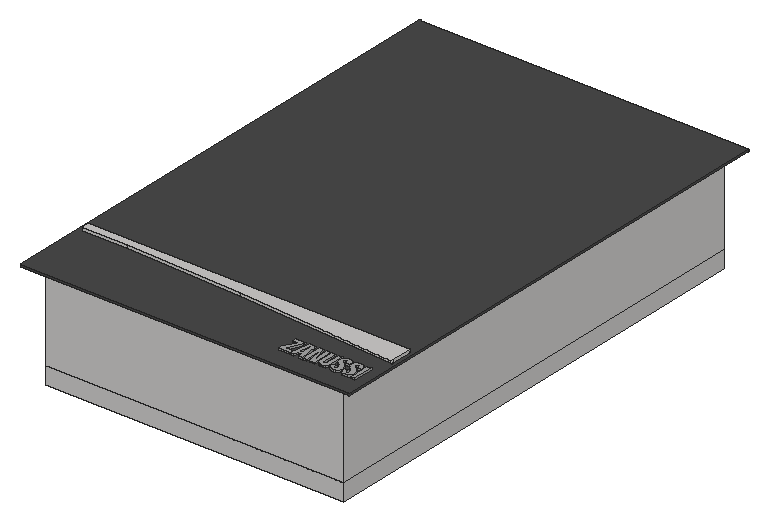
Revit family "QF_ZANUSSI_600894_Z1HDDDOMCT", category Specialty Equipment, Revit 2018
Family settings
  Round Connector Dimension = Use Diameter
  Part Type = Normal
  Work Plane-Based = No
  Always vertical = Yes
  Cut with Voids When Loaded = No
  Shared = No
  Room Calculation Point = No
Parameters (values of type "Standard")
  Watts = 0 W
  Volts = 380 V
  URL = "http://www.zanussiprofessional.com"
  Steam Supply Size = 0 mm
  Steam Supply Minimum Pressure = 0.0 Pa
  Steam Supply Maximum Pressure = 0.0 Pa
  Steam Pounds per Hour = 0
  Show Logo [instance] = yes
  Manufacturer = "Zanussi"
  Phase = 3
  Model = "Z1HDDDOMCT"
  Item Number = "600894"
  Hot Water Size = 0 mm
  HP = "6.7 HP"
  Gas Size = 0 mm
  Gas KW = 0
  Direct Waste Size = 0 mm
  Description = "PLUG-IN INDUCTION MONO ZONE COOK TOP, DROP-IN - 3-PHASE"
  Cycle = 60 Hz
  Condensate Return Size = 0 mm
  Compressed Air Volume = 0.0 L/s
  Compressed Air Size = 0 mm
  Compressed Air Pressure = 0.0 Pa
  Cold Water Size = 0 mm
Types (2, lengths in mm): name | URL | Manufacturer | Phase | Model | Description
  (no name) | 0 | 0 | 0 | 0 | 0
  Standard | "http://www.zanussiprofessional.com" | "Zanussi" | 3 | "Z1HDDDOMCT" | "PLUG-IN INDUCTION MONO ZONE COOK TOP, DROP-IN - 3-PHASE"
Values of the unnamed type that differ from the named types
  Volts = 0 V
  Item Number = ""
  Cycle = 0 Hz
Reference planes
  plane 1 "Centro (Fronte/Retro)": y = 74.737
  plane 2: z = 0
  plane 3: x = -514.269
  plane 4 "LEFT": x = -709.269
  plane 5 "RIGHT": x = -319.269
  plane 6 "BACK": y = 369.737
  plane 7 "FRONT": y = -220.263
  plane 8: y = -124.263
  plane 9: x = -690.269
  plane 10: x = -338.269
  plane 11: y = 355.737
  plane 12: y = -205.263
  plane 13: x = -539.269
  plane 14: y = -149.263
  plane 15: z = 900
Forms (mm)
  Extrusion 1, solid, material "QF_Finishes_Stainless Steel"
    sketch origin (0, 0, 774) x (1, 0, 0) y (0, 1, 0)
      loop
        line (-341.269, 352.737) -> (-687.269, 352.737) -> (-687.269, -202.263) -> (-341.269, -202.263) -> (-341.269, 352.737)
      loop
        line (-690.269, 355.737) -> (-690.269, -205.263) -> (-338.269, -205.263) -> (-338.269, 355.737) -> (-690.269, 355.737)
    from 21 to 126
  Extrusion 2, solid, material "QF_Finishes_Black"
    sketch origin (0, 0, 900) x (-1, 0, 0) y (0, -1, 0)
      loop
        arc (707.269, -369.737) -> (708.683, -369.151) -> (709.269, -367.737) r 2
        line (709.269, -367.737) -> (709.269, 218.263)
        arc (709.269, 218.263) -> (708.683, 219.677) -> (707.269, 220.263) r 2
        line (707.269, 220.263) -> (321.269, 220.263)
        arc (321.269, 220.263) -> (319.854, 219.677) -> (319.269, 218.263) r 2
        line (319.269, 218.263) -> (319.269, -367.737)
        arc (319.269, -367.737) -> (319.854, -369.151) -> (321.269, -369.737) r 2
        line (321.269, -369.737) -> (707.269, -369.737)
    from 0 to 2
  Extrusion 3, solid, material "QF_Finishes_Stainless Steel"
    sketch origin (0, 0, 775) x (1, 0, 0) y (0, 1, 0)
      loop
        line (-690.269, 355.737) -> (-690.269, -205.263) -> (-338.269, -205.263) -> (-338.269, 355.737) -> (-690.269, 355.737)
    from 0 to 20
  Extrusion 4, solid, material "QF_Finishes_Stainless Steel"
    sketch origin (0, 0, 127) x (-1, 0, 0) y (0, -1, 0)
      loop
        circle (539.269, 149.263) r 10
    from 638.028 to 648
  Extrusion 5, solid, material "QF_Finishes_Stainless Steel"
    sketch origin (0, 0, 900) x (-1, 0, 0) y (0, -1, 0)
      loop
        arc (702.769, 124.263) -> (703.829, 124.702) -> (704.269, 125.763) r 1.5
        line (704.269, 125.763) -> (704.269, 132.763)
        arc (704.269, 132.763) -> (703.829, 133.824) -> (702.769, 134.263) r 1.5
        line (702.769, 134.263) -> (651.769, 134.263)
        arc (651.769, 134.263) -> (582.973, 135.513) -> (514.269, 139.263) r 1893.125
        arc (514.269, 139.263) -> (420.209, 148.26) -> (325.769, 151.263) r 1486.51
        arc (325.769, 151.263) -> (324.708, 150.824) -> (324.269, 149.763) r 1.5
        line (324.269, 149.763) -> (324.269, 125.763)
        arc (324.269, 125.763) -> (324.708, 124.702) -> (325.769, 124.263) r 1.5
        line (325.769, 124.263) -> (702.769, 124.263)
    from 2 to 5
Lines and regions (mm)
  Split face 1
    outline origin (0, 0, 902) x (-1, 0, 0) y (0, -1, 0)
      loop
        line (324.269, 124.263) -> (324.269, -364.737) -> (704.269, -364.737) -> (704.269, 124.263) -> (324.269, 124.263)
  Split face 2
    outline origin (0, 0, 902) x (-1, 0, 0) y (0, -1, 0)
      loop
        line (704.269, -364.737) -> (704.269, 124.263) -> (324.269, 124.263) -> (324.269, -364.737) -> (704.269, -364.737)
  Split face 3
    outline origin (0, 0, 902) x (-1, 0, 0) y (0, -1, 0)
      loop
        circle (514.269, -120.237) r 139
  symbolic lines
    curve 1: arc (-375.269, 120.237, 126) -> (-514.269, 259.237, 126) -> (-653.269, 120.237, 126) r 139
    curve 2: arc (-653.269, 120.237, 126) -> (-514.269, -18.763, 126) -> (-375.269, 120.237, 126) r 139
    curve 3: line (-324.269, -124.263, 126) -> (-704.269, -124.263, 126)
    curve 4: line (-704.269, -124.263, 126) -> (-704.269, 364.737, 126)
    curve 5: line (-324.269, 364.737, 126) -> (-324.269, -124.263, 126)
    curve 6: line (-704.269, 364.737, 126) -> (-324.269, 364.737, 126)
    curve 7: line (-321.269, 369.737, 126) -> (-707.269, 369.737, 126)
    curve 8: arc (-707.269, 369.737, 126) -> (-708.683, 369.151, 126) -> (-709.269, 367.737, 126) r 2
    curve 9: line (-709.269, 367.737, 126) -> (-709.269, -218.263, 126)
    curve 10: arc (-709.269, -218.263, 126) -> (-708.683, -219.677, 126) -> (-707.269, -220.263, 126) r 2
    curve 11: line (-707.269, -220.263, 126) -> (-321.269, -220.263, 126)
    curve 12: arc (-321.269, -220.263, 126) -> (-319.854, -219.677, 126) -> (-319.269, -218.263, 126) r 2
    curve 13: line (-319.269, -218.263, 126) -> (-319.269, 367.737, 126)
    curve 14: arc (-319.269, 367.737, 126) -> (-319.854, 369.151, 126) -> (-321.269, 369.737, 126) r 2
    curve 15: arc (-702.769, -124.263, 126) -> (-703.829, -124.702, 126) -> (-704.269, -125.763, 126) r 1.5
    curve 16: line (-704.269, -125.763, 126) -> (-704.269, -132.763, 126)
    curve 17: arc (-704.269, -132.763, 126) -> (-703.829, -133.824, 126) -> (-702.769, -134.263, 126) r 1.5
    curve 18: line (-702.769, -134.263, 126) -> (-651.769, -134.263, 126)
    curve 19: arc (-324.269, -125.763, 126) -> (-324.708, -124.702, 126) -> (-325.769, -124.263, 126) r 1.5
    curve 20: line (-324.269, -149.763, 126) -> (-324.269, -125.763, 126)
    curve 21: arc (-325.769, -151.263, 126) -> (-324.708, -150.824, 126) -> (-324.269, -149.763, 126) r 1.5
    curve 22: arc (-651.769, -134.263, 126) -> (-582.973, -135.513, 126) -> (-514.269, -139.263, 126) r 1893.125
    curve 23: arc (-514.269, -139.263, 126) -> (-420.209, -148.26, 126) -> (-325.769, -151.263, 126) r 1486.51
    curve 24: line (-415.208, -176.613, 126) -> (-422.226, -191.352, 126)
    curve 25: line (-422.226, -191.352, 126) -> (-422.226, -196.265, 126)
    curve 26: line (-422.226, -196.265, 126) -> (-409.452, -196.265, 126)
    curve 27: line (-409.452, -196.265, 126) -> (-409.452, -191.352, 126)
    curve 28: line (-409.452, -191.352, 126) -> (-416.821, -191.352, 126)
    curve 29: line (-416.821, -191.352, 126) -> (-409.452, -176.332, 126)
    curve 30: line (-409.452, -176.332, 126) -> (-409.452, -172.261, 126)
    curve 31: line (-409.452, -172.261, 126) -> (-421.665, -172.261, 126)
    curve 32: line (-421.665, -172.261, 126) -> (-421.665, -176.753, 126)
    curve 33: line (-421.665, -176.753, 126) -> (-415.208, -176.613, 126)
    curve 34: line (-404.82, -172.261, 126) -> (-409.172, -196.265, 126)
    curve 35: line (-409.172, -196.265, 126) -> (-404.118, -196.265, 126)
    curve 36: line (-404.118, -196.265, 126) -> (-403.416, -191.633, 126)
    curve 37: line (-403.416, -191.633, 126) -> (-399.346, -191.633, 126)
    curve 38: line (-399.346, -191.633, 126) -> (-398.644, -196.265, 126)
    curve 39: line (-398.644, -196.265, 126) -> (-393.59, -196.265, 126)
    curve 40: line (-393.59, -196.265, 126) -> (-398.082, -172.261, 126)
    curve 41: line (-398.082, -172.261, 126) -> (-404.82, -172.261, 126)
    curve 42: line (-401.451, -176.364, 126) -> (-400.047, -187.281, 126)
    curve 43: line (-400.047, -187.281, 126) -> (-402.855, -187.281, 126)
    curve 44: line (-402.855, -187.281, 126) -> (-401.451, -176.364, 126)
    curve 45: line (-393.309, -172.261, 126) -> (-393.309, -196.265, 126)
    curve 46: line (-393.309, -196.265, 126) -> (-388.958, -196.265, 126)
    curve 47: line (-388.958, -196.265, 126) -> (-388.958, -180.403, 126)
    curve 48: line (-388.958, -180.403, 126) -> (-384.887, -196.265, 126)
    curve 49: line (-384.887, -196.265, 126) -> (-379.553, -196.265, 126)
    curve 50: line (-379.553, -196.265, 126) -> (-379.553, -172.261, 126)
    curve 51: line (-379.553, -172.261, 126) -> (-384.045, -172.261, 126)
    curve 52: line (-384.045, -172.261, 126) -> (-384.045, -187.562, 126)
    curve 53: line (-384.045, -187.562, 126) -> (-388.116, -172.261, 126)
    curve 54: line (-388.116, -172.261, 126) -> (-393.309, -172.261, 126)
    curve 55: line (-378.43, -172.261, 126) -> (-378.43, -188.404, 126)
    curve 56: line (-378.43, -188.404, 126) -> (-378.149, -192.334, 126)
    curve 57: line (-378.149, -192.334, 126) -> (-377.728, -193.317, 126)
    curve 58: line (-377.728, -193.317, 126) -> (-376.745, -194.58, 126)
    curve 59: line (-376.745, -194.58, 126) -> (-375.763, -195.282, 126)
    curve 60: line (-375.763, -195.282, 126) -> (-373.797, -196.124, 126)
    curve 61: line (-373.797, -196.124, 126) -> (-372.815, -196.265, 126)
    curve 62: line (-372.815, -196.265, 126) -> (-370.569, -196.265, 126)
    curve 63: line (-370.569, -196.265, 126) -> (-369.446, -195.984, 126)
    curve 64: line (-369.446, -195.984, 126) -> (-367.761, -195.001, 126)
    curve 65: line (-367.761, -195.001, 126) -> (-365.796, -192.194, 126)
    curve 66: line (-365.796, -192.194, 126) -> (-365.656, -191.211, 126)
    curve 67: line (-365.656, -191.211, 126) -> (-365.656, -172.261, 126)
    curve 68: line (-365.656, -172.261, 126) -> (-370.569, -172.261, 126)
    curve 69: line (-370.569, -172.261, 126) -> (-370.569, -190.088, 126)
    curve 70: line (-370.569, -190.088, 126) -> (-371.13, -191.352, 126)
    curve 71: line (-371.13, -191.352, 126) -> (-372.675, -191.492, 126)
    curve 72: line (-372.675, -191.492, 126) -> (-373.517, -190.509, 126)
    curve 73: line (-373.517, -190.509, 126) -> (-373.517, -172.261, 126)
    curve 74: line (-373.517, -172.261, 126) -> (-378.43, -172.261, 126)
    curve 75: line (-353.163, -184.895, 126) -> (-358.778, -179.841, 126)
    curve 76: line (-358.778, -179.841, 126) -> (-359.479, -178.999, 126)
    curve 77: line (-359.479, -178.999, 126) -> (-359.76, -176.753, 126)
    curve 78: line (-359.76, -176.753, 126) -> (-358.076, -175.911, 126)
    curve 79: line (-358.076, -175.911, 126) -> (-356.672, -176.893, 126)
    curve 80: line (-356.672, -176.893, 126) -> (-356.532, -179.841, 126)
    curve 81: line (-356.532, -179.841, 126) -> (-351.899, -179.841, 126)
    curve 82: line (-351.899, -179.841, 126) -> (-352.18, -175.068, 126)
    curve 83: line (-352.18, -175.068, 126) -> (-355.128, -172.401, 126)
    curve 84: line (-355.128, -172.401, 126) -> (-363.269, -173.805, 126)
    curve 85: line (-363.269, -173.805, 126) -> (-364.252, -180.824, 126)
    curve 86: line (-364.252, -180.824, 126) -> (-362.006, -184.052, 126)
    curve 87: line (-362.006, -184.052, 126) -> (-359.62, -186.158, 126)
    curve 88: line (-359.62, -186.158, 126) -> (-356.672, -189.106, 126)
    curve 89: line (-356.672, -189.106, 126) -> (-357.233, -191.773, 126)
    curve 90: line (-357.233, -191.773, 126) -> (-359.058, -191.913, 126)
    curve 91: line (-359.058, -191.913, 126) -> (-360.041, -187.842, 126)
    curve 92: line (-360.041, -187.842, 126) -> (-364.954, -187.842, 126)
    curve 93: line (-364.954, -187.842, 126) -> (-363.55, -194.44, 126)
    curve 94: line (-363.55, -194.44, 126) -> (-357.374, -196.265, 126)
    curve 95: line (-357.374, -196.265, 126) -> (-351.759, -192.334, 126)
    curve 96: line (-351.759, -192.334, 126) -> (-353.163, -184.895, 126)
    curve 97: line (-339.266, -184.754, 126) -> (-345.161, -179.42, 126)
    curve 98: line (-345.161, -179.42, 126) -> (-345.863, -177.595, 126)
    curve 99: line (-345.863, -177.595, 126) -> (-345.302, -176.191, 126)
    curve 100: line (-345.302, -176.191, 126) -> (-344.038, -175.911, 126)
    curve 101: line (-344.038, -175.911, 126) -> (-342.635, -176.893, 126)
    curve 102: line (-342.635, -176.893, 126) -> (-342.494, -179.701, 126)
    curve 103: line (-342.494, -179.701, 126) -> (-337.722, -179.841, 126)
    curve 104: line (-337.722, -179.841, 126) -> (-338.283, -174.928, 126)
    curve 105: line (-338.283, -174.928, 126) -> (-345.723, -171.98, 126)
    curve 106: line (-345.723, -171.98, 126) -> (-350.215, -175.63, 126)
    curve 107: line (-350.215, -175.63, 126) -> (-348.951, -182.929, 126)
    curve 108: line (-348.951, -182.929, 126) -> (-343.758, -187.562, 126)
    curve 109: line (-343.758, -187.562, 126) -> (-342.635, -189.246, 126)
    curve 110: line (-342.635, -189.246, 126) -> (-343.056, -191.773, 126)
    curve 111: line (-343.056, -191.773, 126) -> (-344.46, -192.054, 126)
    curve 112: line (-344.46, -192.054, 126) -> (-346.003, -187.702, 126)
    curve 113: line (-346.003, -187.702, 126) -> (-350.917, -187.842, 126)
    curve 114: line (-350.917, -187.842, 126) -> (-349.092, -194.721, 126)
    curve 115: line (-349.092, -194.721, 126) -> (-341.091, -195.703, 126)
    curve 116: line (-341.091, -195.703, 126) -> (-338.002, -192.896, 126)
    curve 117: line (-338.002, -192.896, 126) -> (-339.266, -184.754, 126)
    curve 118: line (-331.966, -172.261, 126) -> (-336.879, -172.261, 126)
    curve 119: line (-336.879, -172.261, 126) -> (-336.879, -196.265, 126)
    curve 120: line (-336.879, -196.265, 126) -> (-331.966, -196.265, 126)
    curve 121: line (-331.966, -196.265, 126) -> (-331.966, -172.261, 126)
Dimensions and locks
  equal spacing: plane 4 "LEFT", plane 3, plane 5 "RIGHT"
  plane 4 "LEFT" to plane 5 "RIGHT" = 390 mm
  equal spacing: plane 6 "BACK", plane 1 "Centro (Fronte/Retro)", plane 7 "FRONT"
  plane 6 "BACK" to plane 7 "FRONT" = 590 mm
  locked: plane 4 "LEFT" to plane 9 at 19
  locked: plane 10 to plane 5 "RIGHT" at 19
  locked: plane 6 "BACK" to plane 11 at 14
  locked: plane 12 to plane 7 "FRONT" at 15
  plane 13 to plane 5 "RIGHT" = 220 mm
  plane 14 to plane 7 "FRONT" = 71 mm
  plane 15 to level = 900 mm
  aligned and locked: level to plane 2
Automatic sketch dimensions
  curve 1 to curve 2 = 0 mm  (x2)
  curve 13 to plane 5 "RIGHT" = 0 mm
  curve 12 to plane 7 "FRONT" = 0 mm
  curve 14 to plane 6 "BACK" = 0 mm
  curve 5 to plane 8 = 0 mm
  curve 23 to plane 3 = 0 mm
  curve 2 to plane 3 = 0 mm
  curve 9 to plane 4 "LEFT" = 0 mm
  curve 12 to curve 12 = 2 mm
  curve 14 to curve 14 = 2 mm
  curve 14 to curve 5 = 3 mm
  curve 20 to plane 14 = 0.5 mm
  curve 20 to plane 5 "RIGHT" = 5 mm
  curve 21 to curve 21 = 1.5 mm
  curve 19 to curve 19 = 1.5 mm
  plane 10 to curve 121 = 6.302 mm
  plane 10 to curve 118 = 1.389 mm
  plane 10 to curve 104 = 0.547 mm
  plane 10 to curve 116 = 0.266 mm
  curve 105 to plane 10 = 0.014 mm
  curve 97 to plane 10 = 0.997 mm
  curve 115 to plane 10 = 2.822 mm
  curve 103 to plane 10 = 4.225 mm
  curve 110 to plane 10 = 4.366 mm
  curve 102 to curve 101 = 0.141 mm
  curve 109 to curve 110 = 0.421 mm
  curve 109 to curve 108 = 1.123 mm
  curve 101 to curve 101 = 1.404 mm
  curve 110 to curve 111 = 1.404 mm
  curve 102 to curve 97 = 2.667 mm
  curve 100 to curve 100 = 1.263 mm
  curve 99 to curve 106 = 0.421 mm
  curve 99 to curve 98 = 0.562 mm
  curve 108 to curve 112 = 2.246 mm
  curve 97 to curve 108 = 3.79 mm
  curve 111 to curve 115 = 4.632 mm
  curve 98 to curve 106 = 4.352 mm
  curve 112 to curve 113 = 4.913 mm
  curve 114 to curve 95 = 2.667 mm
  curve 107 to curve 81 = 2.948 mm
  curve 106 to curve 83 = 1.965 mm
  curve 113 to curve 75 = 2.246 mm
  curve 82 to curve 83 = 2.948 mm
  curve 81 to curve 80 = 4.632 mm
  curve 80 to curve 79 = 0.14 mm
  curve 75 to curve 88 = 3.509 mm
  curve 88 to curve 90 = 0.562 mm
  plane 12 to curve 94 = 8.998 mm
  curve 89 to curve 94 = 0.14 mm
  curve 79 to curve 78 = 1.404 mm
  curve 80 to curve 76 = 2.246 mm
  curve 89 to curve 90 = 1.825 mm
  curve 75 to curve 77 = 0.702 mm
  curve 88 to curve 88 = 2.948 mm
  curve 78 to curve 78 = 1.684 mm
  curve 87 to curve 92 = 0.421 mm
  curve 87 to curve 87 = 2.386 mm
  curve 77 to curve 84 = 3.509 mm
  plane 12 to curve 93 = 10.823 mm
  curve 90 to curve 93 = 4.492 mm
  curve 86 to curve 85 = 2.246 mm
  curve 86 to curve 92 = 2.948 mm
  curve 84 to curve 67 = 2.386 mm
  plane 12 to curve 65 = 13.069 mm
  curve 66 to curve 65 = 0.14 mm
  plane 12 to curve 65 = 10.262 mm
  curve 65 to curve 65 = 1.965 mm
  plane 12 to curve 64 = 9.279 mm
  curve 64 to curve 64 = 1.685 mm
  curve 66 to curve 69 = 4.913 mm
  curve 63 to curve 62 = 1.123 mm
  plane 12 to curve 71 = 13.911 mm
  curve 69 to curve 71 = 0.561 mm
  plane 12 to curve 72 = 13.771 mm
  curve 70 to curve 72 = 1.544 mm
  plane 12 to curve 61 = 8.998 mm
  curve 62 to curve 61 = 2.246 mm
  curve 71 to curve 73 = 0.842 mm
  plane 12 to curve 60 = 9.139 mm
  curve 61 to curve 60 = 0.982 mm
  plane 12 to curve 60 = 9.981 mm
  curve 60 to curve 60 = 1.965 mm
  plane 12 to curve 59 = 10.683 mm
  curve 59 to curve 59 = 0.983 mm
  plane 12 to curve 57 = 11.946 mm
  curve 58 to curve 57 = 0.983 mm
  plane 12 to curve 56 = 12.929 mm
  curve 57 to curve 56 = 0.421 mm
  curve 56 to curve 55 = 0.281 mm
  curve 55 to curve 50 = 1.123 mm
  curve 50 to curve 52 = 4.492 mm
  curve 49 to curve 49 = 5.334 mm
  curve 51 to curve 54 = 4.071 mm
  plane 12 to curve 48 = 24.86 mm
  curve 53 to curve 48 = 0.842 mm
  curve 53 to curve 54 = 5.194 mm
  plane 12 to curve 40 = 8.998 mm
  curve 45 to curve 40 = 0.281 mm
  curve 40 to plane 14 = 22.998 mm
  curve 45 to curve 40 = 4.773 mm
  curve 39 to curve 39 = 5.053 mm
  plane 12 to curve 38 = 13.63 mm
  curve 38 to curve 38 = 0.702 mm
  curve 37 to curve 43 = 0.702 mm
  curve 44 to plane 14 = 27.101 mm
  curve 40 to curve 44 = 3.369 mm
  curve 42 to curve 43 = 2.807 mm
  curve 37 to curve 37 = 4.071 mm
  curve 36 to curve 35 = 0.702 mm
  curve 42 to curve 41 = 3.369 mm
  plane 12 to curve 34 = 8.998 mm
  curve 35 to curve 34 = 5.054 mm
  curve 34 to curve 28 = 0.281 mm
  curve 29 to plane 14 = 27.069 mm
  curve 34 to curve 29 = 4.632 mm
  curve 33 to plane 14 = 27.35 mm
  curve 29 to curve 33 = 5.755 mm
  plane 12 to curve 29 = 13.911 mm
  curve 27 to curve 29 = 7.368 mm
  curve 24 to curve 32 = 6.457 mm
  curve 28 to curve 25 = 5.406 mm
  plane 9 to curve 22 = 38.5 mm
  plane 4 "LEFT" to curve 18 = 6.5 mm
  curve 15 to plane 8 = 1.5 mm
  plane 4 "LEFT" to curve 15 = 6.5 mm
  curve 15 to curve 4 = 1.5 mm
  plane 4 "LEFT" to curve 7 = 2 mm
  plane 4 "LEFT" to curve 10 = 2 mm
  plane 6 "BACK" to curve 23 = 965.51 mm
  curve 8 to curve 6 = 3 mm
  curve 2 to plane 1 "Centro (Fronte/Retro)" = 45.5 mm
  curve 15 to curve 17 = 7 mm
  curve 105 to plane 14 = 22.717 mm
  curve 74 to curve 47 = 8.142 mm
  curve 73 to curve 68 = 0 mm
  curve 105 to curve 118 = 0.281 mm
  curve 40 to curve 54 = 0 mm
  curve 53 to curve 52 = 0 mm
  curve 30 to curve 29 = 4.071 mm
  curve 105 to curve 84 = 0.421 mm
  curve 67 to curve 84 = 1.544 mm
  curve 118 to curve 104 = 2.667 mm
  curve 83 to curve 82 = 2.667 mm
  curve 82 to curve 106 = 0.561 mm
  curve 105 to curve 100 = 3.93 mm
  curve 83 to curve 79 = 3.509 mm
  curve 100 to curve 99 = 0.281 mm
  curve 78 to curve 78 = 0.842 mm
  curve 31 to curve 33 = 4.492 mm
  curve 100 to curve 102 = 0.983 mm
  curve 78 to curve 80 = 0.983 mm
  curve 99 to curve 99 = 1.404 mm
  curve 77 to curve 77 = 2.246 mm
  curve 98 to curve 98 = 1.825 mm
  curve 97 to curve 102 = 0.281 mm
  curve 76 to curve 76 = 0.842 mm
  curve 75 to curve 80 = 0 mm
  curve 102 to curve 103 = 0.14 mm
  curve 76 to curve 86 = 1.825 mm
  curve 81 to curve 107 = 3.088 mm
  curve 85 to curve 87 = 3.228 mm
  curve 103 to curve 117 = 4.913 mm
  curve 107 to curve 75 = 1.965 mm
  curve 86 to curve 88 = 2.106 mm
  curve 42 to curve 37 = 4.352 mm
  curve 97 to curve 108 = 2.807 mm
  curve 52 to curve 56 = 4.773 mm
  curve 108 to curve 112 = 0.14 mm
  curve 87 to curve 92 = 1.684 mm
  curve 75 to curve 113 = 2.948 mm
  curve 55 to curve 56 = 3.93 mm
  curve 91 to curve 88 = 1.264 mm
  curve 108 to curve 110 = 1.685 mm
  curve 70 to curve 70 = 1.263 mm
  curve 73 to curve 71 = 0.983 mm
  curve 66 to curve 65 = 0.982 mm
  curve 25 to curve 28 = 0 mm
  curve 109 to curve 111 = 2.527 mm
  curve 88 to curve 90 = 2.667 mm
  curve 89 to curve 90 = 0.14 mm
  curve 110 to curve 111 = 0.281 mm
  curve 113 to curve 96 = 4.492 mm
  curve 110 to curve 117 = 1.123 mm
  curve 95 to curve 114 = 2.386 mm
  curve 116 to curve 115 = 2.807 mm
  curve 116 to curve 119 = 3.369 mm
  curve 39 to curve 45 = 0 mm
  curve 24 to curve 25 = 4.913 mm
  curve 58 to curve 50 = 1.684 mm
  curve 22 to plane 7 "FRONT" = 1807.125 mm
  curve 1 to plane 10 = 37 mm
  Extrusion 1 sketch curve to plane 9 = 0 mm
  Extrusion 1 sketch curve to plane 10 = 0 mm
  Extrusion 1 sketch curve to plane 12 = 0 mm
  Extrusion 1 sketch curve to plane 11 = 0 mm
  plane 9 to Extrusion 1 sketch curve = 3 mm
  Extrusion 1 sketch curve to plane 10 = 3 mm
  plane 12 to Extrusion 1 sketch curve = 3 mm
  Extrusion 1 sketch curve to plane 11 = 3 mm
  Extrusion 2 sketch curve to plane 5 "RIGHT" = 0 mm
  Extrusion 2 sketch curve to plane 6 "BACK" = 0 mm
  Extrusion 2 sketch curve to plane 7 "FRONT" = 0 mm
  Extrusion 2 sketch curve to plane 4 "LEFT" = 0 mm
  Extrusion 2 sketch curve to plane 5 "RIGHT" = 2 mm  (x2)
  plane 4 "LEFT" to Extrusion 2 sketch curve = 2 mm
  Extrusion 2 sketch curve to Extrusion 2 sketch curve = 2 mm
  Split face 1 sketch curve to Extrusion 2 = 5 mm  (x3)
  Split face 1 sketch curve to Extrusion 2 = 96 mm
  Extrusion 3 sketch curve to plane 9 = 0 mm
  Extrusion 3 sketch curve to plane 10 = 0 mm
  Extrusion 3 sketch curve to plane 12 = 0 mm
  Extrusion 3 sketch curve to plane 11 = 0 mm
  Extrusion 4 sketch curve to plane 13 = 0 mm
  Extrusion 4 sketch curve to plane 14 = 0 mm
  Split face 2 sketch curve to Extrusion 2 = 5 mm  (x3)
  Split face 2 sketch curve to Extrusion 2 = 96 mm
  Split face 3 sketch curve to Split face 3 sketch curve = 0 mm  (x2)
  Split face 3 sketch curve to Extrusion 2 = 195 mm
  Split face 3 sketch curve to Extrusion 2 = 249.5 mm
  Split face 3 sketch curve to Extrusion 2 = 56 mm
  Extrusion 5 sketch curve to plane 8 = 0 mm
  Extrusion 5 sketch curve to plane 3 = 0 mm
  Extrusion 5 sketch curve to plane 5 "RIGHT" = 6.5 mm  (x2)
  Extrusion 5 sketch curve to plane 14 = 0.5 mm
  Extrusion 5 sketch curve to Extrusion 5 sketch curve = 1.5 mm  (x2)
  plane 9 to Extrusion 5 sketch curve = 38.5 mm
  Extrusion 5 sketch curve to plane 8 = 1.5 mm
  plane 4 "LEFT" to Extrusion 5 sketch curve = 6.5 mm
  plane 6 "BACK" to Extrusion 5 sketch curve = 965.51 mm
  Extrusion 5 sketch curve to Extrusion 5 sketch curve = 7 mm
  Extrusion 5 sketch curve to plane 7 "FRONT" = 1807.125 mm
  radius of Extrusion 4 sketch curve = 10 mm
Nested families
  nested 1: "ZAN_Logo_S_Grey" at (-377.096, -184.263, 902), visible <- "Show Logo", type "ZAN_Logo_S_Grey"
Connectors
  electrical at (-539.269, -149.263, 765.028)
    settings: on Extrusion 4, index 2, voltage 0 V, apparent load 0 VA, apparent load phase1 0 VA, apparent load phase2 0 VA, apparent load phase3 0 VA, power factor 1, load classification "Altro", number of poles 1, system type 30, power factor state 1, is connector primary yes, connector utility no, sub classification motor no, connector description ""
Definition of nested family "ZAN_Logo_S_Grey"
  Parameters (values of type "ZAN_Logo_S_Grey")
    Default Elevation = 0 mm
  Reference planes
    plane 1 "Centro (Fronte/Retro)": y = 0
    plane 2: z = 0
    plane 3 "Centro (Sinistra/Destra)": x = 0
  Forms (mm)
    Extrusion 1, solid
      sketch origin (0, 0, 0) x (1, 0, 0) y (0, 1, 0)
        loop
          line (-1219.2, 1219.2) -> (-1219.2, -1219.2) -> (1219.2, -1219.2) -> (1219.2, 1219.2) -> (-1219.2, 1219.2)
      from 0 to -304.8
    Extrusion 2, solid
      sketch origin (17.793, -46.218, 0) x (-1, 0, 0) y (0, -1, 0)
        loop
          spline (-4.176, -58.079) -> (-3.496, -58.328) -> (-2.793, -58.512) -> (-2.075, -58.63) -> (-1.348, -58.682) -> (-0.619, -58.669) -> (0.106, -58.588) -> (0.818, -58.44) -> (1.512, -58.225) -> (2.18, -57.941) -> (2.817, -57.589) -> (3.414, -57.167) -> (3.966, -56.676)
          spline (3.966, -56.676) -> (4.293, -56.162) -> (4.575, -55.61) -> (4.81, -55.026) -> (5, -54.419) -> (5.146, -53.797) -> (5.247, -53.166) -> (5.304, -52.536) -> (5.318, -51.913) -> (5.288, -51.306) -> (5.217, -50.723) -> (5.103, -50.17) -> (4.949, -49.657)
          line (4.949, -49.657) -> (2.702, -46.428) -> (0.316, -44.323)
          spline (0.316, -44.323) -> (0.065, -44.115) -> (-0.195, -43.909) -> (-0.46, -43.704) -> (-0.729, -43.496) -> (-0.997, -43.282) -> (-1.263, -43.059) -> (-1.523, -42.825) -> (-1.774, -42.576) -> (-2.013, -42.309) -> (-2.238, -42.022) -> (-2.445, -41.712) -> (-2.632, -41.375)
          spline (-2.632, -41.375) -> (-2.666, -41.159) -> (-2.697, -40.934) -> (-2.722, -40.701) -> (-2.736, -40.465) -> (-2.736, -40.227) -> (-2.72, -39.989) -> (-2.682, -39.754) -> (-2.621, -39.524) -> (-2.533, -39.302) -> (-2.414, -39.091) -> (-2.261, -38.892) -> (-2.07, -38.708)
          line (-2.07, -38.708) -> (-0.245, -38.567)
          spline (-0.245, -38.567) -> (0.096, -38.8) -> (0.354, -39.074) -> (0.54, -39.381) -> (0.664, -39.716) -> (0.738, -40.073) -> (0.772, -40.445) -> (0.777, -40.825) -> (0.763, -41.208) -> (0.742, -41.588) -> (0.723, -41.957) -> (0.718, -42.309) -> (0.737, -42.638)
          line (0.737, -42.638) -> (5.65, -42.638)
          spline (5.65, -42.638) -> (5.708, -42.042) -> (5.741, -41.448) -> (5.747, -40.857) -> (5.723, -40.273) -> (5.668, -39.696) -> (5.58, -39.129) -> (5.457, -38.574) -> (5.297, -38.032) -> (5.098, -37.506) -> (4.857, -36.997) -> (4.574, -36.508) -> (4.247, -36.041)
          spline (4.247, -36.041) -> (3.844, -35.675) -> (3.409, -35.35) -> (2.946, -35.065) -> (2.458, -34.819) -> (1.949, -34.612) -> (1.421, -34.444) -> (0.88, -34.314) -> (0.326, -34.221) -> (-0.234, -34.165) -> (-0.8, -34.146) -> (-1.366, -34.163) -> (-1.93, -34.216)
          spline (-1.93, -34.216) -> (-2.526, -34.309) -> (-3.116, -34.448) -> (-3.695, -34.633) -> (-4.259, -34.861) -> (-4.801, -35.131) -> (-5.316, -35.444) -> (-5.799, -35.798) -> (-6.245, -36.191) -> (-6.648, -36.624) -> (-7.002, -37.095) -> (-7.303, -37.603) -> (-7.545, -38.146)
          spline (-7.545, -38.146) -> (-7.694, -38.815) -> (-7.792, -39.487) -> (-7.839, -40.158) -> (-7.836, -40.824) -> (-7.785, -41.482) -> (-7.685, -42.129) -> (-7.539, -42.762) -> (-7.347, -43.377) -> (-7.111, -43.97) -> (-6.83, -44.538) -> (-6.506, -45.078) -> (-6.141, -45.586)
          line (-6.141, -45.586) -> (-0.526, -50.64) -> (0.176, -51.482)
          spline (0.176, -51.482) -> (0.248, -51.66) -> (0.323, -51.843) -> (0.397, -52.03) -> (0.467, -52.22) -> (0.529, -52.412) -> (0.579, -52.605) -> (0.615, -52.798) -> (0.633, -52.989) -> (0.63, -53.179) -> (0.601, -53.366) -> (0.545, -53.55) -> (0.456, -53.728)
          spline (0.456, -53.728) -> (0.375, -53.892) -> (0.273, -54.034) -> (0.154, -54.155) -> (0.02, -54.258) -> (-0.126, -54.343) -> (-0.28, -54.412) -> (-0.441, -54.466) -> (-0.604, -54.508) -> (-0.767, -54.537) -> (-0.928, -54.556) -> (-1.082, -54.567) -> (-1.228, -54.57)
          line (-1.228, -54.57) -> (-2.632, -53.587) -> (-2.772, -50.64) -> (-7.405, -50.64)
          spline (-7.405, -50.64) -> (-7.41, -51.031) -> (-7.423, -51.432) -> (-7.44, -51.839) -> (-7.456, -52.251) -> (-7.469, -52.665) -> (-7.475, -53.079) -> (-7.468, -53.489) -> (-7.446, -53.894) -> (-7.404, -54.291) -> (-7.339, -54.679) -> (-7.247, -55.053) -> (-7.123, -55.412)
          spline (-7.123, -55.412) -> (-6.999, -55.693) -> (-6.837, -55.97) -> (-6.643, -56.244) -> (-6.422, -56.509) -> (-6.177, -56.765) -> (-5.913, -57.009) -> (-5.634, -57.238) -> (-5.346, -57.45) -> (-5.051, -57.643) -> (-4.755, -57.814) -> (-4.462, -57.96) -> (-4.176, -58.079)
        loop
          spline (-21.021, -55.552) -> (-20.633, -56.181) -> (-20.177, -56.736) -> (-19.661, -57.217) -> (-19.092, -57.627) -> (-18.478, -57.966) -> (-17.827, -58.237) -> (-17.147, -58.441) -> (-16.446, -58.578) -> (-15.73, -58.652) -> (-15.009, -58.662) -> (-14.29, -58.611) -> (-13.581, -58.5)
          spline (-13.581, -58.5) -> (-13.088, -58.407) -> (-12.595, -58.269) -> (-12.109, -58.088) -> (-11.636, -57.866) -> (-11.183, -57.605) -> (-10.756, -57.307) -> (-10.361, -56.974) -> (-10.004, -56.608) -> (-9.692, -56.211) -> (-9.431, -55.784) -> (-9.228, -55.33) -> (-9.089, -54.851)
          spline (-9.089, -54.851) -> (-8.873, -54.211) -> (-8.715, -53.559) -> (-8.615, -52.901) -> (-8.574, -52.241) -> (-8.592, -51.585) -> (-8.668, -50.938) -> (-8.802, -50.306) -> (-8.995, -49.693) -> (-9.247, -49.106) -> (-9.557, -48.55) -> (-9.925, -48.03) -> (-10.352, -47.551)
          line (-10.352, -47.551) -> (-15.546, -42.919) -> (-16.669, -41.234)
          spline (-16.669, -41.234) -> (-16.704, -41.021) -> (-16.735, -40.804) -> (-16.761, -40.583) -> (-16.778, -40.361) -> (-16.784, -40.139) -> (-16.774, -39.919) -> (-16.748, -39.701) -> (-16.7, -39.488) -> (-16.63, -39.28) -> (-16.533, -39.08) -> (-16.406, -38.889) -> (-16.248, -38.708)
          line (-16.248, -38.708) -> (-14.844, -38.427)
          spline (-14.844, -38.427) -> (-14.347, -38.545) -> (-13.969, -38.749) -> (-13.695, -39.028) -> (-13.508, -39.368) -> (-13.393, -39.757) -> (-13.335, -40.182) -> (-13.318, -40.63) -> (-13.326, -41.089) -> (-13.344, -41.546) -> (-13.356, -41.988) -> (-13.347, -42.403) -> (-13.3, -42.779)
          line (-13.3, -42.779) -> (-8.387, -42.638)
          spline (-8.387, -42.638) -> (-8.326, -42.034) -> (-8.288, -41.417) -> (-8.277, -40.794) -> (-8.299, -40.169) -> (-8.357, -39.548) -> (-8.457, -38.936) -> (-8.604, -38.339) -> (-8.803, -37.762) -> (-9.058, -37.21) -> (-9.375, -36.689) -> (-9.758, -36.204) -> (-10.212, -35.76)
          spline (-10.212, -35.76) -> (-10.793, -35.336) -> (-11.409, -34.976) -> (-12.054, -34.679) -> (-12.723, -34.445) -> (-13.409, -34.273) -> (-14.107, -34.163) -> (-14.811, -34.115) -> (-15.515, -34.127) -> (-16.213, -34.2) -> (-16.899, -34.333) -> (-17.568, -34.526) -> (-18.213, -34.777)
          spline (-18.213, -34.777) -> (-18.496, -34.897) -> (-18.783, -35.044) -> (-19.071, -35.216) -> (-19.357, -35.412) -> (-19.639, -35.629) -> (-19.915, -35.865) -> (-20.182, -36.119) -> (-20.438, -36.389) -> (-20.681, -36.672) -> (-20.907, -36.967) -> (-21.115, -37.272) -> (-21.301, -37.585)
          spline (-21.301, -37.585) -> (-21.55, -38.26) -> (-21.734, -38.948) -> (-21.854, -39.647) -> (-21.91, -40.351) -> (-21.901, -41.057) -> (-21.828, -41.761) -> (-21.69, -42.459) -> (-21.489, -43.148) -> (-21.222, -43.823) -> (-20.892, -44.48) -> (-20.497, -45.116) -> (-20.038, -45.726)
          line (-20.038, -45.726) -> (-14.142, -51.061) -> (-13.44, -52.886) -> (-14.002, -54.289) -> (-15.265, -54.57) -> (-16.669, -53.587) -> (-16.81, -50.78) -> (-21.582, -50.64)
          spline (-21.582, -50.64) -> (-21.558, -51.063) -> (-21.55, -51.491) -> (-21.554, -51.92) -> (-21.561, -52.35) -> (-21.567, -52.778) -> (-21.565, -53.201) -> (-21.547, -53.619) -> (-21.509, -54.029) -> (-21.444, -54.43) -> (-21.345, -54.818) -> (-21.206, -55.193) -> (-21.021, -55.552)
        loop
          line (-22.424, -34.216) -> (-27.337, -34.216) -> (-27.337, -58.22) -> (-22.424, -58.22) -> (-22.424, -34.216)
        loop
          line (14.213, -39.971) -> (14.213, -58.22) -> (19.126, -58.22) -> (19.126, -42.077) -> (18.845, -38.146) -> (18.424, -37.164) -> (17.442, -35.9) -> (16.459, -35.199) -> (14.494, -34.356) -> (13.511, -34.216) -> (11.265, -34.216) -> (10.142, -34.497) -> (8.458, -35.479) -> (6.493, -38.287) -> (6.352, -39.269) -> (6.352, -58.22) -> (11.265, -58.22) -> (11.265, -40.392) -> (11.827, -39.129) -> (13.371, -38.988) -> (14.213, -39.971)
        loop
          line (20.249, -58.22) -> (24.741, -58.22) -> (24.741, -42.919) -> (28.812, -58.22) -> (34.006, -58.22) -> (34.006, -34.216) -> (29.654, -34.216) -> (29.654, -50.078) -> (25.583, -34.216) -> (20.249, -34.216) -> (20.249, -58.22)
        loop
          line (50.149, -58.22) -> (62.361, -58.22) -> (62.361, -53.728) -> (55.904, -53.868) -> (62.923, -39.129) -> (62.923, -34.216) -> (50.149, -34.216) -> (50.149, -39.129) -> (57.517, -39.129) -> (50.149, -54.149) -> (50.149, -58.22)
        loop
          line (38.778, -58.22) -> (45.516, -58.22) -> (49.868, -34.216) -> (44.814, -34.216) -> (44.113, -38.848) -> (40.042, -38.848) -> (39.34, -34.216) -> (34.286, -34.216) -> (38.778, -58.22)
        loop
          line (43.551, -43.2) -> (40.744, -43.2) -> (42.147, -54.117) -> (43.551, -43.2)
      from 0 to 1.644
  Dimensions and locks
    aligned and locked: plane 2 to Extrusion 1
    aligned and locked: level to Extrusion 1
